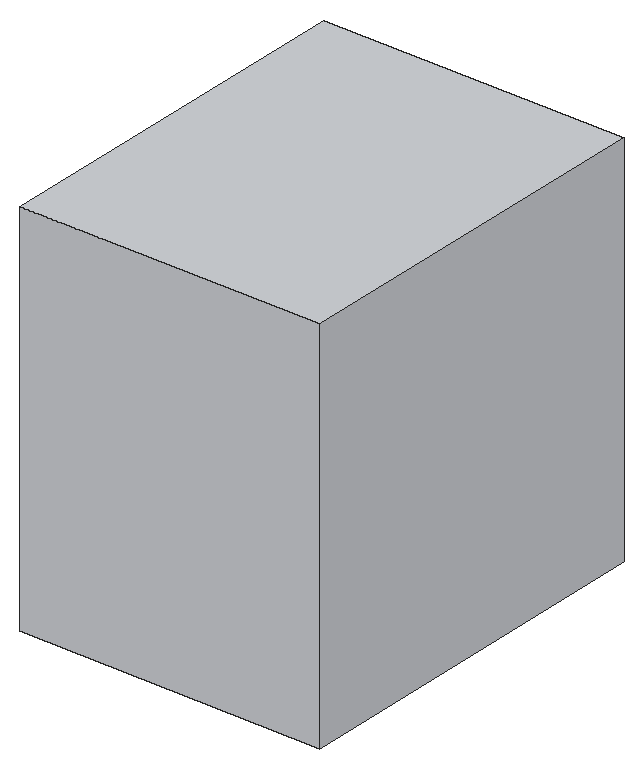
Revit family "67eee2381e5449e396526fe66cd7eea9", category Pipe Fittings, Revit 2021
Family settings
  Round Connector Dimension = Use Radius
  Part Type = Cap
  OmniClass Number = 23.60.30.11.14
  OmniClass Title = Pipework Fittings
  Seek Item ID = Plug - PVC - Sch 40 - DWV-0000-USA-ENU
  Work Plane-Based = No
  Always vertical = Yes
  Cut with Voids When Loaded = No
  Shared = No
Parameters (values of type "Standard")
  Thread Length [instance] = size_lookup(Lookup Table Name, "TLgt", 0.11 * Nominal Diameter + 27/64", Nominal Diameter)  # 5/8"
  Nominal Radius [instance] = 3/4"
  Nominal Diameter [instance] = Nominal Radius * 2  # 1 1/2"
  Loss Method = Not Defined
  Lookup Table Name = "Plug - PVC - Sch 40 - DWV"
  Height [instance] = size_lookup(Lookup Table Name, "Hgt", 0.15 * Nominal Diameter + 1 23/128", Nominal Diameter)  # 1 3/8"
  Head Width [instance] = 0.5 * Fitting Outside Diameter  # 0.95"
  Head Height [instance] = Height - Thread Length  # 3/4"
  Fitting Outside Radius [instance] = Fitting Outside Diameter / 2  # 0.95"
  Fitting Outside Diameter [instance] = size_lookup(Lookup Table Name, "FOD", 1.04 * Nominal Diameter + 23/64", Nominal Diameter)  # 1.9"
  Default Elevation = 0' - 0"
Reference planes (in)
  plane 1 "Center (Front/Back)": y = 0
  plane 2: z = 0
  plane 3 "Center (Left/Right)": x = 0
  plane 4: x = 0.75
  plane 5: y = 0.475
  plane 6: y = -0.475
  plane 7: z = 0.475
  plane 8: z = -0.475
Forms (in)
  Extrusion 1, solid, detail levels fine
    sketch origin (0, 0, 0) x (1, 0, 0) y (0, 1, 0)
      loop
        line (0, 0.475) -> (0, -0.475) -> (0.75, -0.475) -> (0.75, 0.475) -> (0, 0.475)
    from -0.475 to 0.475
Lines and regions (in)
  model lines, detail levels coarse+medium
    curve 1: line (0, 0.475, 0) -> (0.75, 0.475, 0)
    curve 2: line (0.75, 0.475, 0) -> (0.75, -0.475, 0)
    curve 3: line (0, -0.475, 0) -> (0.75, -0.475, 0)
Dimensions and locks (in)
  "Head Height": plane 3 "Center (Left/Right)" to plane 4
  equal spacing: plane 5, plane 1 "Center (Front/Back)", plane 6
  "Head Width": plane 5 to plane 6
  equal spacing: plane 7, plane 2, plane 8
  "Head Width": plane 7 to plane 8
  aligned and locked: Extrusion 1 sketch curve to plane 5
  aligned and locked: Extrusion 1 sketch curve to plane 4
  aligned and locked: plane 6 to Extrusion 1 sketch curve
  aligned and locked: plane 3 "Center (Left/Right)" to Extrusion 1 sketch curve
  aligned and locked: plane 7 to Extrusion 1
  aligned and locked: plane 8 to Extrusion 1
  aligned and locked: plane 3 "Center (Left/Right)" to curve 1
  aligned and locked: curve 1 to plane 5
  aligned and locked: curve 2 to plane 4
  aligned and locked: plane 5 to curve 2
  aligned and locked: plane 6 to curve 2
  aligned and locked: plane 3 "Center (Left/Right)" to curve 3
  aligned and locked: plane 4 to curve 3
  aligned and locked: curve 3 to plane 6
Connectors (in)
  piping at (0, 0, 0), diameter 1.5, driven by "Nominal Radius"
    settings: on Extrusion 1, index 1, connector inside diameter 1 1/2", connector length 0' - 0", flow factor 0, pipe flow 0 GPM, pressure drop 0.00 psi, fitting loss kfactor 0, connector angle 0.00°, fixture units 0, engagement length 0' - 0", angle of deflection 0.00°, flow configuration 0, flow direction 0, fitting loss method 0, system type 28, joint type 0, gender type 0, connector reference index -1, connector utility 0, adjustable connector no, is connector primary yes, connector description ""
